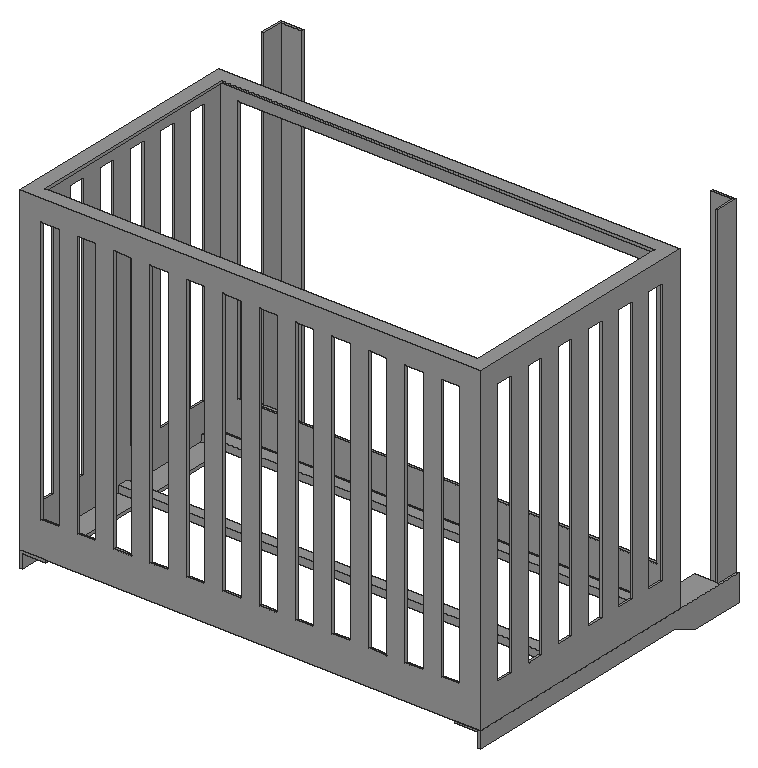
Revit family "Корзина для кондиционера «Вертикаль» Арт 22833", category Антураж, Revit 2018
Family settings
  На основе рабочей плоскости = Нет
  Всегда вертикально = Да
  При загрузке вырезать с полостями = Нет
  Источник визуального образа = Геометрия семейства
  Общий = Нет
  Точка расчета площади = Нет
Parameters (values of type "Корзина для кондиционера «Вертикаль»")
  Ширина = 700 mm  # constant formula
  Цвет каркаса = Сталь
  Описание = "Корзина для кондиционера «Вертикаль»"  # constant formula
  Материал изделия = "Сталь"  # constant formula
  Изображение типоразмера = Корзина для кондиционера «Вертикаль» Арт 22833.png
  Изготовитель = "ООО «Хоббика»"  # constant formula
  Длина = 1000 mm  # constant formula
  Группа модели = "Корзины для кондиционеров"  # constant formula
  Высота = 700 mm  # constant formula
  Артикул товара = "Арт. 22833"  # constant formula
  URL = "https://hobbyka.ru/product/korzina_dlya_konditsionera_vertikal/"
Reference planes
  plane 1 "По центру (Вперед/Назад)": y = 0
  plane 2: z = 0
  plane 3 "По центру (Влево/Вправо)": x = 0
  plane 4: x = 1000
  plane 5: y = 700
  plane 6: z = 700
Forms (mm)
  Extrusion 1, solid, material "Сталь" <- "Цвет каркаса"
    sketch origin (0, 0, 0) x (1, 0, 0) y (0, 1, 0)
      loop
        line (5, 700) -> (5, 650) -> (10, 650) -> (10, 695) -> (55, 695) -> (55, 700) -> (5, 700)
      loop
        line (995, 700) -> (945, 700) -> (945, 695) -> (990, 695) -> (990, 650) -> (995, 650) -> (995, 700)
    from -60 to 725
  Extrusion 2, solid, material "Сталь" <- "Цвет каркаса"
    sketch origin (0, 0, 0) x (0, 1, 0) y (0, 0, 1)
      loop
        line (700, 0) -> (0, 0) -> (0, -35) -> (525, -35) -> (585, -60) -> (700, -60) -> (700, 0)
    from 0 to 5
  Extrusion 3, solid, material "Сталь" <- "Цвет каркаса"
    sketch origin (0, 0, 0) x (0, 1, 0) y (0, 0, 1)
      loop
        line (700, 0) -> (0, 0) -> (0, -35) -> (525, -35) -> (585, -60) -> (700, -60) -> (700, 0)
    from 995 to 1000
  Extrusion 4, solid, material "Сталь" <- "Цвет каркаса"
    sketch origin (0, 0, 0) x (1, 0, 0) y (0, 0, 1)
      loop
        line (5, 0) -> (5, -5) -> (55, -5) -> (55, 0) -> (5, 0)
      loop
        line (945, 0) -> (945, -5) -> (995, -5) -> (995, 0) -> (945, 0)
    from 0 to -650
  Extrusion 5, solid, material "Сталь" <- "Цвет каркаса"
    sketch origin (0, 0, 0) x (1, 0, 0) y (0, 1, 0)
      loop
        line (0, 540) -> (0, 0) -> (1000, 0) -> (1000, 540) -> (0, 540)
      loop
        line (5, 535) -> (5, 5) -> (995, 5) -> (995, 535) -> (5, 535)
    from 0 to 700
  Extrusion 6, solid, material "Сталь" <- "Цвет каркаса"
    sketch origin (0, 0, 0) x (1, 0, 0) y (0, 1, 0)
      loop
        line (5, 510) -> (5, 485) -> (995, 485) -> (995, 510) -> (5, 510)
    from 0 to 15
  Extrusion 7, solid, material "Сталь" <- "Цвет каркаса"
    sketch origin (0, -455, 0) x (1, 0, 0) y (0, 1, 0)
      loop
        line (5, 510) -> (5, 485) -> (995, 485) -> (995, 510) -> (5, 510)
    from 0 to 15
  Extrusion 8, solid, material "Сталь" <- "Цвет каркаса"
    sketch origin (0, -227.5, 0) x (1, 0, 0) y (0, 1, 0)
      loop
        line (5, 510) -> (5, 485) -> (995, 485) -> (995, 510) -> (5, 510)
    from 0 to 15
  Extrusion 9, void
    sketch origin (0, 0, 0) x (0, 1, 0) y (0, 0, 1)
      loop
        line (495, 654.336) -> (455, 654.336) -> (455, 74.336) -> (495, 74.336) -> (495, 654.336)
    from 0 to 1000
  Extrusion 10, void
    sketch origin (0, -410, 0) x (0, 1, 0) y (0, 0, 1)
      loop
        line (495, 654.336) -> (455, 654.336) -> (455, 74.336) -> (495, 74.336) -> (495, 654.336)
    from 0 to 1000
  Extrusion 11, void
    sketch origin (0, -82, 0) x (0, 1, 0) y (0, 0, 1)
      loop
        line (495, 654.336) -> (455, 654.336) -> (455, 74.336) -> (495, 74.336) -> (495, 654.336)
    from 0 to 1000
  Extrusion 12, void
    sketch origin (0, -164, 0) x (0, 1, 0) y (0, 0, 1)
      loop
        line (495, 654.336) -> (455, 654.336) -> (455, 74.336) -> (495, 74.336) -> (495, 654.336)
    from 0 to 1000
  Extrusion 13, void
    sketch origin (0, -246, 0) x (0, 1, 0) y (0, 0, 1)
      loop
        line (495, 654.336) -> (455, 654.336) -> (455, 74.336) -> (495, 74.336) -> (495, 654.336)
    from 0 to 1000
  Extrusion 14, void
    sketch origin (0, -328, 0) x (0, 1, 0) y (0, 0, 1)
      loop
        line (495, 654.336) -> (455, 654.336) -> (455, 74.336) -> (495, 74.336) -> (495, 654.336)
    from 0 to 1000
  Extrusion 15, void
    sketch origin (0, 0, 0) x (1, 0, 0) y (0, 0, 1)
      loop
        line (45, 654.336) -> (45, 74.336) -> (85, 74.336) -> (85, 654.336) -> (45, 654.336)
    from 0 to -55
  Extrusion 16, void
    sketch origin (870, 0, 0) x (1, 0, 0) y (0, 0, 1)
      loop
        line (45, 654.336) -> (45, 74.336) -> (85, 74.336) -> (85, 654.336) -> (45, 654.336)
    from 0 to -55
  Extrusion 17, void
    sketch origin (79.091, 0, 0) x (1, 0, 0) y (0, 0, 1)
      loop
        line (45, 654.336) -> (45, 74.336) -> (85, 74.336) -> (85, 654.336) -> (45, 654.336)
    from 0 to -55
  Extrusion 18, void
    sketch origin (158.182, 0, 0) x (1, 0, 0) y (0, 0, 1)
      loop
        line (45, 654.336) -> (45, 74.336) -> (85, 74.336) -> (85, 654.336) -> (45, 654.336)
    from 0 to -55
  Extrusion 19, void
    sketch origin (237.273, 0, 0) x (1, 0, 0) y (0, 0, 1)
      loop
        line (45, 654.336) -> (45, 74.336) -> (85, 74.336) -> (85, 654.336) -> (45, 654.336)
    from 0 to -55
  Extrusion 20, void
    sketch origin (316.364, 0, 0) x (1, 0, 0) y (0, 0, 1)
      loop
        line (45, 654.336) -> (45, 74.336) -> (85, 74.336) -> (85, 654.336) -> (45, 654.336)
    from 0 to -55
  Extrusion 21, void
    sketch origin (395.455, 0, 0) x (1, 0, 0) y (0, 0, 1)
      loop
        line (45, 654.336) -> (45, 74.336) -> (85, 74.336) -> (85, 654.336) -> (45, 654.336)
    from 0 to -55
  Extrusion 22, void
    sketch origin (474.545, 0, 0) x (1, 0, 0) y (0, 0, 1)
      loop
        line (45, 654.336) -> (45, 74.336) -> (85, 74.336) -> (85, 654.336) -> (45, 654.336)
    from 0 to -55
  Extrusion 23, void
    sketch origin (553.636, 0, 0) x (1, 0, 0) y (0, 0, 1)
      loop
        line (45, 654.336) -> (45, 74.336) -> (85, 74.336) -> (85, 654.336) -> (45, 654.336)
    from 0 to -55
  Extrusion 24, void
    sketch origin (632.727, 0, 0) x (1, 0, 0) y (0, 0, 1)
      loop
        line (45, 654.336) -> (45, 74.336) -> (85, 74.336) -> (85, 654.336) -> (45, 654.336)
    from 0 to -55
  Extrusion 25, void
    sketch origin (711.818, 0, 0) x (1, 0, 0) y (0, 0, 1)
      loop
        line (45, 654.336) -> (45, 74.336) -> (85, 74.336) -> (85, 654.336) -> (45, 654.336)
    from 0 to -55
  Extrusion 26, void
    sketch origin (790.909, 0, 0) x (1, 0, 0) y (0, 0, 1)
      loop
        line (45, 654.336) -> (45, 74.336) -> (85, 74.336) -> (85, 654.336) -> (45, 654.336)
    from 0 to -55
  Extrusion 27, solid, material "Сталь" <- "Цвет каркаса"
    sketch origin (0, 0, 0) x (1, 0, 0) y (0, 1, 0)
      loop
        line (5, 535) -> (5, 5) -> (995, 5) -> (995, 535) -> (5, 535)
      loop
        line (30, 510) -> (30, 30) -> (970, 30) -> (970, 510) -> (30, 510)
    from 695 to 700
  Extrusion 28, void
    sketch origin (0, 0, 0) x (1, 0, 0) y (0, 0, 1)
      loop
        line (45, 654.336) -> (45, 74.336) -> (955, 74.336) -> (955, 654.336) -> (45, 654.336)
    from -540 to -535
Cuts and joins
  joined: Extrusion 2, Extrusion 3, Extrusion 4
  Extrusion 9, Extrusion 10, Extrusion 11, Extrusion 12, Extrusion 13, Extrusion 14, Extrusion 15, Extrusion 16, Extrusion 17, Extrusion 18, Extrusion 19, Extrusion 20, Extrusion 21, Extrusion 22, Extrusion 23, Extrusion 24, Extrusion 25, Extrusion 26, Extrusion 28 cuts Extrusion 5
  Extrusion 28 cuts Extrusion 27
  joined: Extrusion 5, Extrusion 27
Dimensions and locks
  "Длина": plane 3 "По центру (Влево/Вправо)" to plane 4
  "Ширина": plane 5 to plane 1 "По центру (Вперед/Назад)"
  "Высота": plane 6 to plane 2
  equal spacing: group 1, group 3, group 2  (x2)
  equal spacing: group 2, group 3, group 1
  equal spacing: group 4, group 6, group 7, group 8, group 9, group 5  (x2)
  equal spacing: group 5, group 9, group 8, group 7, group 6, group 4
  equal spacing: group 10, group 12, group 13, group 14, group 15, group 16, group 17, group 18, group 19, group 20, group 21, group 11  (x3)
  aligned and locked: level to plane 2
Automatic sketch dimensions
  Extrusion 1 sketch curve to plane 5 = 0 mm  (x2)
  plane 3 "По центру (Влево/Вправо)" to Extrusion 1 sketch curve = 5 mm
  Extrusion 1 sketch curve to Extrusion 1 sketch curve = 5 mm
  Extrusion 1 sketch curve to plane 5 = 5 mm  (x2)
  Extrusion 1 sketch curve to Extrusion 1 sketch curve = 45 mm  (x3)
  Extrusion 1 sketch curve to plane 4 = 55 mm
  Extrusion 1 sketch curve to plane 4 = 10 mm
  Extrusion 1 sketch curve to plane 4 = 5 mm
  Extrusion 2 sketch curve to level = 0 mm
  Extrusion 2 sketch curve to plane 1 "По центру (Вперед/Назад)" = 0 mm
  Extrusion 2 sketch curve to plane 5 = 0 mm
  Extrusion 2 sketch curve to level = 35 mm
  Extrusion 2 sketch curve to plane 5 = 175 mm
  Extrusion 2 sketch curve to Extrusion 2 sketch curve = 60 mm
  Extrusion 2 sketch curve to level = 60 mm
  Extrusion 3 sketch curve to level = 0 mm
  Extrusion 3 sketch curve to plane 1 "По центру (Вперед/Назад)" = 0 mm
  Extrusion 3 sketch curve to plane 5 = 0 mm
  Extrusion 3 sketch curve to level = 35 mm
  Extrusion 3 sketch curve to plane 5 = 175 mm
  Extrusion 3 sketch curve to Extrusion 3 sketch curve = 60 mm
  Extrusion 3 sketch curve to level = 60 mm
  Extrusion 4 sketch curve to level = 0 mm  (x2)
  plane 3 "По центру (Влево/Вправо)" to Extrusion 4 sketch curve = 5 mm
  Extrusion 4 sketch curve to level = 5 mm  (x2)
  Extrusion 4 sketch curve to Extrusion 4 sketch curve = 50 mm
  Extrusion 4 sketch curve to plane 4 = 55 mm
  Extrusion 4 sketch curve to plane 4 = 5 mm
  plane 1 "По центру (Вперед/Назад)" to Extrusion 5 sketch curve = 0 mm
  Extrusion 5 sketch curve to plane 3 "По центру (Влево/Вправо)" = 0 mm
  Extrusion 5 sketch curve to plane 4 = 0 mm
  Extrusion 5 sketch curve to plane 5 = 160 mm
  Extrusion 5 sketch curve to plane 1 "По центру (Вперед/Назад)" = 5 mm
  Extrusion 5 sketch curve to Extrusion 5 sketch curve = 5 mm
  plane 3 "По центру (Влево/Вправо)" to Extrusion 5 sketch curve = 5 mm
  Extrusion 5 sketch curve to plane 4 = 5 mm
  Extrusion 6 sketch curve to Extrusion 6 sketch curve = 25 mm
  Extrusion 6 sketch curve to Extrusion 6 sketch curve = 990 mm
  Extrusion 7 sketch curve to Extrusion 7 sketch curve = 25 mm
  Extrusion 7 sketch curve to Extrusion 7 sketch curve = 990 mm
  Extrusion 8 sketch curve to Extrusion 8 sketch curve = 25 mm
  Extrusion 8 sketch curve to Extrusion 8 sketch curve = 990 mm
  Extrusion 9 sketch curve to Extrusion 9 sketch curve = 40 mm
  Extrusion 9 sketch curve to Extrusion 9 sketch curve = 580 mm
  Extrusion 10 sketch curve to Extrusion 10 sketch curve = 40 mm
  Extrusion 10 sketch curve to Extrusion 10 sketch curve = 580 mm
  Extrusion 11 sketch curve to Extrusion 11 sketch curve = 40 mm
  Extrusion 11 sketch curve to Extrusion 11 sketch curve = 580 mm
  Extrusion 12 sketch curve to Extrusion 12 sketch curve = 40 mm
  Extrusion 12 sketch curve to Extrusion 12 sketch curve = 580 mm
  Extrusion 13 sketch curve to Extrusion 13 sketch curve = 40 mm
  Extrusion 13 sketch curve to Extrusion 13 sketch curve = 580 mm
  Extrusion 14 sketch curve to Extrusion 14 sketch curve = 40 mm
  Extrusion 14 sketch curve to Extrusion 14 sketch curve = 580 mm
  Extrusion 15 sketch curve to Extrusion 15 sketch curve = 40 mm
  Extrusion 15 sketch curve to Extrusion 15 sketch curve = 580 mm
  Extrusion 16 sketch curve to Extrusion 16 sketch curve = 40 mm
  Extrusion 16 sketch curve to Extrusion 16 sketch curve = 580 mm
  Extrusion 17 sketch curve to Extrusion 17 sketch curve = 40 mm
  Extrusion 17 sketch curve to Extrusion 17 sketch curve = 580 mm
  Extrusion 18 sketch curve to Extrusion 18 sketch curve = 40 mm
  Extrusion 18 sketch curve to Extrusion 18 sketch curve = 580 mm
  Extrusion 19 sketch curve to Extrusion 19 sketch curve = 40 mm
  Extrusion 19 sketch curve to Extrusion 19 sketch curve = 580 mm
  Extrusion 20 sketch curve to Extrusion 20 sketch curve = 40 mm
  Extrusion 20 sketch curve to Extrusion 20 sketch curve = 580 mm
  Extrusion 21 sketch curve to Extrusion 21 sketch curve = 40 mm
  Extrusion 21 sketch curve to Extrusion 21 sketch curve = 580 mm
  Extrusion 22 sketch curve to Extrusion 22 sketch curve = 40 mm
  Extrusion 22 sketch curve to Extrusion 22 sketch curve = 580 mm
  Extrusion 23 sketch curve to Extrusion 23 sketch curve = 40 mm
  Extrusion 23 sketch curve to Extrusion 23 sketch curve = 580 mm
  Extrusion 24 sketch curve to Extrusion 24 sketch curve = 40 mm
  Extrusion 24 sketch curve to Extrusion 24 sketch curve = 580 mm
  Extrusion 25 sketch curve to Extrusion 25 sketch curve = 40 mm
  Extrusion 25 sketch curve to Extrusion 25 sketch curve = 580 mm
  Extrusion 26 sketch curve to Extrusion 26 sketch curve = 40 mm
  Extrusion 26 sketch curve to Extrusion 26 sketch curve = 580 mm
  plane 3 "По центру (Влево/Вправо)" to Extrusion 27 sketch curve = 5 mm
  Extrusion 27 sketch curve to plane 4 = 5 mm
  Extrusion 27 sketch curve to plane 1 "По центру (Вперед/Назад)" = 5 mm
  Extrusion 27 sketch curve to plane 5 = 165 mm
  Extrusion 27 sketch curve to Extrusion 27 sketch curve = 25 mm  (x4)
  plane 3 "По центру (Влево/Вправо)" to Extrusion 28 sketch curve = 45 mm
  Extrusion 28 sketch curve to plane 4 = 45 mm
  level to Extrusion 28 sketch curve = 74.336 mm
  Extrusion 28 sketch curve to plane 6 = 45.664 mm
